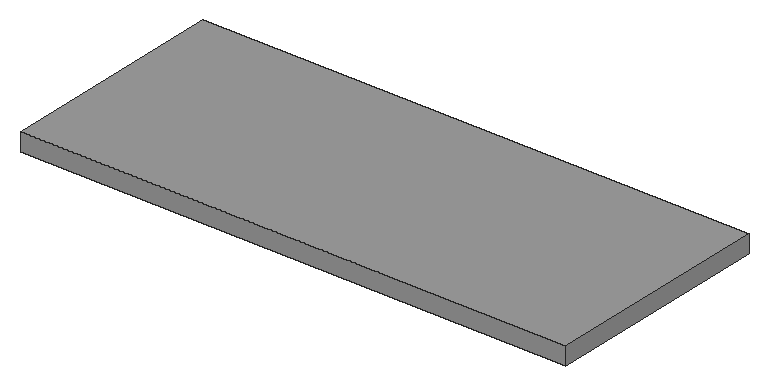
Revit family "Life Mirror Cabinet Lamp", category Lighting Fixtures, Revit 2012
Parameters
  Wattage = 9.2903 W
  built-in parameter 1150110 = 1 (stored number, unit not read)
  built-in parameter 1114217 = 1 (stored number, unit not read)
  built-in parameter 1150109 = 1 (stored number, unit not read)
  built-in parameter 1150134 = (empty or 0)
  built-in parameter 1150113 = 1 (stored number, unit not read)
  Material = Paint White
  Lumens = 1380 lm
  built-in parameter 1150115 = 1 (stored number, unit not read)
  built-in parameter 1150105 = 439.27 (stored number, unit not read)
  Light Source Symbol Size = 20 mm
  built-in parameter 1150137 = (empty or 0)
  built-in parameter 1150139 = (empty or 0)
  built-in parameter 1150112 = 1 (stored number, unit not read)
  built-in parameter 1150114 = 1 (stored number, unit not read)
  built-in parameter 1150132 = 2
  built-in parameter 1150102 = (empty or 0)
  built-in parameter 1150138 = (empty or 0)
  built-in parameter 1150107 = 3000 (stored number, unit not read)
  built-in parameter 1150106 = 4.3927 (stored number, unit not read)
  Height [instance] = 1900 mm
  Emit from Line Length = 280 mm
  built-in parameter 1150104 = 13.8 (stored number, unit not read)
  Dimming Lamp Color Temperature Shift = (empty or 0)
  Color Filter = 16777215
  built-in parameter 1114218 = 1 (stored number, unit not read)
  built-in parameter 1150133 = 10 (stored number, unit not read)
Reference planes
  plane 1 "Light Source Axis (F/B)": y = 0
  plane 2: z = 0
  plane 3 "Light Source Axis (L/R)": x = 0
  plane 4 "Light Source Elevation": z = 1907.595
  plane 5: y = 63
Forms (mm)
  Extrusion 1, solid, material "Paint White" <- "Material"
    sketch origin (0, -20, 10) x (0, 1, 0) y (0, 0, 1)
      loop
        line (0, 1900) -> (10, 1900) -> (10, 1905) -> (75, 1905) -> (75, 1900) -> (125, 1900) -> (125, 1910) -> (0, 1910) -> (0, 1900)
    from -150 to 150
  Extrusion 2, solid, material "Paint White" <- "Material"
    sketch origin (0, -20, 10) x (0, 1, 0) y (0, 0, 1)
      loop
        line (125, 1900) -> (83, 1900) -> (83, 1890) -> (125, 1890) -> (125, 1900)
    from -25 to 25
  Extrusion 3, solid, material "Glass"
    sketch origin (0, 0, 0) x (0, 1, 0) y (0, 0, 1)
      loop
        line (55, 1912) -> (-10, 1912) -> (-10, 1910) -> (55, 1910) -> (55, 1912)
    from -140 to 140
  Extrusion 4, solid, material "Paint White" <- "Material"
    sketch origin (0, 0, 0) x (1, 0, 0) y (0, 0, 1)
      loop
        line (-150, 1910) -> (-140, 1910) -> (-140, 1915) -> (-150, 1915) -> (-150, 1910)
      loop
        line (140, 1910) -> (150, 1910) -> (150, 1915) -> (140, 1915) -> (140, 1910)
    from -55 to 10
Cuts and joins
  joined: Extrusion 1, Extrusion 4
Lines and regions (mm)
  symbolic lines, style "Above Cutting Plane", detail levels fine
    curve 1: line (-150, -20, 0) -> (150, -20, 0)
    curve 2: line (-150, 63, 0) -> (-150, -20, 0)
    curve 3: line (150, 63, 0) -> (150, -20, 0)
  model lines, style "InvisibleLines"
    curve 4: line (25, 63, 0) -> (-25, 63, 0)
Dimensions and locks
  level to Extrusion 2 = 1900 mm
  aligned and locked: plane 3 "Light Source Axis (L/R)" to imposter light
  aligned and locked: imposter light to plane 1 "Light Source Axis (F/B)"
  aligned and locked: plane 4 "Light Source Elevation" to imposter light
  aligned and locked: level to plane 2
  aligned and locked: plane 5 to Extrusion 2
